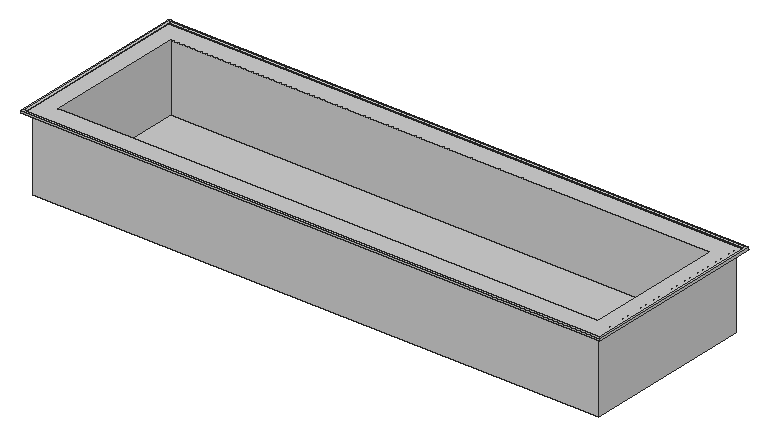
Revit family "QF_VOLLRATH_36438R", category Specialty Equipment, Revit 2016
Family settings
  Part Type = Normal
  Round Connector Dimension = Use Diameter
  OmniClass Number = 23.40.40.14.24.14
  OmniClass Title = Service Line Equipment
  Work Plane-Based = Yes
  Always vertical = Yes
  Cut with Voids When Loaded = Yes
  Shared = No
  Room Calculation Point = No
Parameters (values of type "36438R")
  Weight in Pounds = 0
  Waste Water Discharge Temperature [instance] = 0 °F
  Waste Remarks = ""
  URL Cutsheet = "www.vollrathfoodservice.com/downloads/59685/SPCDrop-inRemoteRefrigNSF7StndrdColdPanL35708en2013-07-30-pdf"
  URL = "www.vollrathfoodservice.com"
  Status [instance] = ""
  Specification by User [instance] = ""
  Specification by Manufacturer = ""
  Serial Number = ""
  Seismic Rating = ""
  SMACNA No = ""
  Revision Code [instance] = ""
  Refrigerant Volume = 0.00 kip
  Refrigerant Type [instance] = "R290"
  Plumbing Remarks [instance] = ""
  Plumbing Connection Type [instance] = ""
  NAFEM Spec ID Number = ""
  Model = "36438R"
  Masterspec = ""
  Manufacturer = "VOLLRATH US"
  Item Number [instance] = ""
  Installed By [instance] = ""
  Identify Quantity as Lot [instance] = no
  Furnished By [instance] = ""
  Foodservice Equipment Identifier [instance] = yes
  Direct Waste Size = 1"
  Direct Waste RI Height = 0"
  Direct Waste Flow = 0 GPM
  Direct Waste Connection Height = 0"
  Description = "SIX-WELL NSF 7-CERTIFIED REMOTE REFRIGERATED DROP-IN COLD WELL"
  Default Elevation = 0"
  CSI MasterFormat = ""
  BTUH = 4600.0 Btu/h
  Author = ""
  Assembly Code = "E1090320"
Reference planes (in)
  plane 1 "Back": y = 0
  plane 2: z = 0
  plane 3 "Left": x = 0
  plane 4 "Front": y = -26
  plane 5 "Top": z = 0
  plane 6 "Right": x = 81.25
Forms (in)
  Extrusion 1, void
    sketch origin (0, 0, 0) x (1, 0, 0) y (0, 1, 0)
      loop
        line (80.875, -0.375) -> (0.375, -0.375) -> (0.375, -25.625) -> (80.875, -25.625) -> (80.875, -0.375)
    from 3.27425 to -10.375
  Extrusion 2, solid
    sketch origin (0, 0, 0) x (1, 0, 0) y (0, 1, 0)
      loop
        line (80.625, -0.625) -> (0.625, -0.625) -> (0.625, -25.375) -> (80.625, -25.375) -> (80.625, -0.625)
      loop
        line (2.75, -3.0625) -> (2.75, -22.9375) -> (78.5, -22.9375) -> (78.5, -3.0625) -> (2.75, -3.0625)
    from 0 to 0.14643
  Sweep 3, solid
    path origin (0, 0, 0) x (1, 0, 0) y (0, 1, 0)
      loop
        line (0.34375, -0.34375) -> (0.34375, -25.65625) -> (80.90625, -25.65625) -> (80.90625, -0.34375) -> (0.34375, -0.34375)
    profile origin (40.625, -0.34375, 0) x (0, 1, 0) y (0, 0, 1)
      loop
        line (0.34375, 0) -> (0.34375, 0.24548)
        arc (0.34375, 0.24548) -> (0.25632, 0.36797) -> (0.11207, 0.3251) r 0.12952
        line (0.11207, 0.3251) -> (0.00446, 0.18703)
        arc (0.00446, 0.18703) -> (-0.03241, 0.15713) -> (-0.07866, 0.14643) r 0.10539
        line (-0.07866, 0.14643) -> (-0.28125, 0.14643) -> (-0.28125, 0) -> (0.34375, 0)
  Extrusion 4, solid
    sketch origin (0, 0, 0.375) x (1, 0, 0) y (0, 1, 0)
      loop
        line (2.75, -3.0625) -> (2.75, -22.9375) -> (78.5, -22.9375) -> (78.5, -3.0625) -> (2.75, -3.0625)
      loop
        line (1, -1) -> (1, -25) -> (80.25, -25) -> (80.25, -1) -> (1, -1)
    from -10.75 to -0.375
  Extrusion 5, solid
    sketch origin (0, 0, 1) x (1, 0, 0) y (0, 1, 0)
      loop
        line (78.5, -3.0625) -> (2.75, -3.0625) -> (2.75, -22.9375) -> (78.5, -22.9375) -> (78.5, -3.0625)
      loop
        circle (40.625, -13) r 0.75
    from -11.375 to -10.305
  Extrusion 6, solid
    sketch origin (27.625, -4, 0) x (1, 0, 0) y (0, 1, 0)
      loop
        circle (13, -9) r 0.5
      loop
        circle (13, -9) r 0.75
    from -9.305 to -10.375
Cuts and joins
  joined: Extrusion 2, Sweep 3, Extrusion 4, Extrusion 5
Lines and regions (in)
  symbolic lines, style "200-EquipBorder-2D"
    curve 1: line (81.25, 0, 0) -> (0, 0, 0)
    curve 2: line (81.25, -26, 0) -> (81.25, 0, 0)
    curve 3: line (0, 0, 0) -> (0, -26, 0)
    curve 8: line (0, -26, 0) -> (81.25, -26, 0)
  symbolic lines, style "200-EquipInternal-2D"
    curve 4: line (78.5, -3.0625, 0) -> (2.75, -3.0625, 0)
    curve 5: line (78.5, -22.9375, 0) -> (78.5, -3.0625, 0)
    curve 6: line (2.75, -22.9375, 0) -> (78.5, -22.9375, 0)
    curve 7: line (2.75, -3.0625, 0) -> (2.75, -22.9375, 0)
    curve 9: arc (40.125, -13, 0) -> (40.625, -12.5, 0) -> (41.125, -13, 0) r 0.5
    curve 10: arc (41.125, -13, 0) -> (40.625, -13.5, 0) -> (40.125, -13, 0) r 0.5
    curve 11: arc (41.375, -13, 0) -> (40.625, -12.25, 0) -> (39.875, -13, 0) r 0.75
    curve 12: arc (39.875, -13, 0) -> (40.625, -13.75, 0) -> (41.375, -13, 0) r 0.75
Dimensions and locks (in)
  plane 3 "Left" to plane 6 "Right" = 81 1/4"
  plane 4 "Front" to plane 1 "Back" = 26"
  aligned and locked: level to plane 2
Connectors (in)
  piping at (40.625, -13, -10.375), diameter 1, driven by "Direct Waste Flow", driven by "Direct Waste Size"
    settings: on cut or joined group of Extrusion 2, Sweep 3, Extrusion 4, Extrusion 5, index 1, connector inside diameter 24", connector length 0", flow factor 0, pipe flow 0 GPM, pressure drop 0.00 psi, fitting loss kfactor 0, connector angle 0.00°, fixture units 0, engagement length 0", angle of deflection 0.00°, flow configuration 0, flow direction 2, fitting loss method 0, system type 16, joint type 0, gender type 0, connector reference index -1, connector utility 0, adjustable connector no, is connector primary yes, connector description "Drain"
  piping at (77.25, -4, -10.375), diameter 0.3125
    settings: on Extrusion 4, index 2, connector inside diameter 24", connector length 0", flow factor 0, pipe flow 0 GPM, pressure drop 0.00 psi, fitting loss kfactor 0, connector angle 0.00°, fixture units 0, engagement length 0", angle of deflection 0.00°, flow configuration 1, flow direction 1, fitting loss method 0, system type 22, joint type 0, gender type 0, connector reference index -1, connector utility 0, adjustable connector no, is connector primary no, connector description "Refrigeration inlet"
  piping at (76.25, -4, -10.375), diameter 0.3125
    settings: on Extrusion 4, index 3, connector inside diameter 24", connector length 0", flow factor 0, pipe flow 0 GPM, pressure drop 0.00 psi, fitting loss kfactor 0, connector angle 0.00°, fixture units 0, engagement length 0", angle of deflection 0.00°, flow configuration 1, flow direction 2, fitting loss method 0, system type 22, joint type 0, gender type 0, connector reference index -1, connector utility 0, adjustable connector no, is connector primary no, connector description "Refrigeration outlet"
